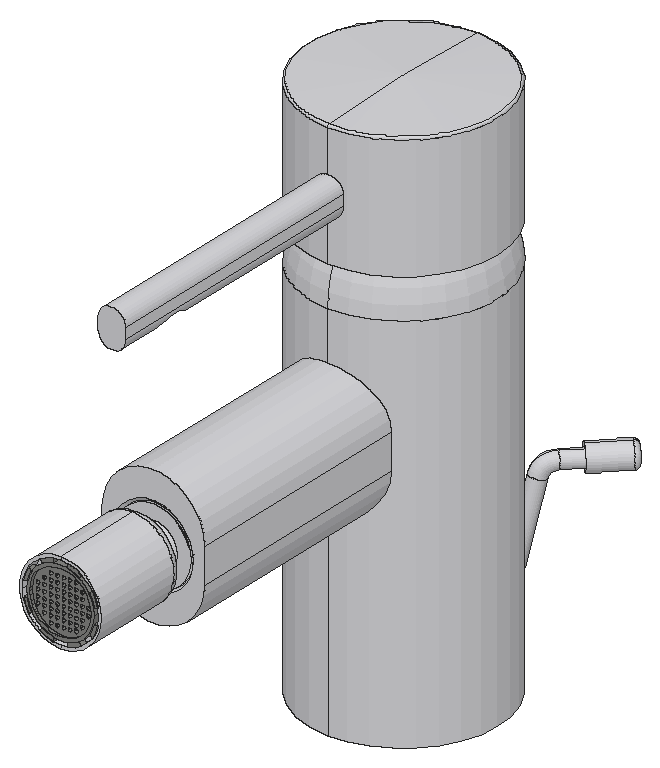
Revit family "Faucet-Bidet-KOHLER-Cuff-K-37045D", category Plumbing Fixtures, host Face, Revit 2021
Family settings
  Host = Face
  Round Connector Dimension = Use Diameter
  Part Type = Normal
  OmniClass Number = 23.31.11.00
  OmniClass Title = Faucets
  Cut with Voids When Loaded = No
  Shared = No
  Room Calculation Point = No
Parameters (values of type "CP-Polished Chrome")
  Width = 1 13/16"  # constant formula
  WaterSense Certified = 1 = 0  # no
  Waste Water Outlet = "Waste Water Outlet"  # constant formula
  Waste Connection = 1 = 0  # no
  Vent Connection = 1 = 0  # no
  URL = "https://me.kohler.com/"
  Type = 1
  Spout Reach = 4 29/256"  # constant formula
  Product Page URL = ""
  Product Name = "Cuff"  # constant formula
  Product Documentation Link = ""
  Pressure = 0.00 psi  # constant formula
  Model = if(Type = 1, "K-37045D-CP", "NA")  # "K-37045D-CP"
  Material = "Premium Metal Construction"  # constant formula
  Master Format 2014 Name = "Residential Faucets, Supplies, and Trim"  # constant formula
  Master Format 2014 = "22 41 39"  # constant formula
  Manufacturer Address = "Office 1704, 17th Floor, Thuraya Tower-1, Dubai Internet City P.O. Box 500431 | Dubai, United Arab Emirates"  # constant formula
  Manufacturer = "Kohler Co."  # constant formula
  Length = Spout Reach  # 4 29/256"
  Hot Water Inlet = "Hot Water Inlet"  # constant formula
  Height = 5 39/128"  # constant formula
  Handle Clearance = 3 63/128"  # constant formula
  HW Connection = 1 = 1  # yes
  Flow Rate = 1.5 GPM  # constant formula
  Finish = Kohler-Metal-CP-Polished_Chrome
  Environmental Product Declaration = ""
  Drain Included = 1 = 1  # yes
  Description = "Bided Single Control Mixer With Drain, CH"  # constant formula
  Default Elevation = 36"
  Declare Label = ""
  Date Modified = "12/29/2022"  # constant formula
  Date Created = "12/29/2022"  # constant formula
  Copyright = "Copyright Kohler Co."  # constant formula
  Contact Us = "https://me.kohler.com/contact-us/"
  Cold Water Inlet = "Cold Water Inlet"  # constant formula
  CW Connection = 1 = 1  # yes
  Assembly Code = "D2010"
  ADA Compliant = 1 = 0  # no
Reference planes (in)
  plane 1 "Center (Front/Back)": y = 0
  plane 2: z = 0
  plane 3 "Center (Left/Right)": x = 0
  plane 4: y = 0.90551
  plane 5: x = 0.90551
  plane 6: y = -4.11328
  plane 7: x = -0.90699
  plane 8: y = -3.49219
  plane 9: x = 0.14163
  plane 10: x = -0.14163
  plane 11: y = -2.99186
  plane 12: x = 0.49184
  plane 13: y = 1.31544
  plane 14: y = 0.97656
  plane 15: through (1.32642, 1.31702, 48) normal (0.7071, -0.7071, 0)
  plane 16: through (1.1, 0.94594, 48) normal (-0.7071, 0.7071, 0)
  plane 17: through (0.93582, 1.0906, 48) normal (-0.7071, 0.7071, 0)
  plane 18: through (1.30796, 1.20007, 48) normal (0.7071, 0.7071, 0)
  plane 19: y = -0.90551
  plane 20: z = 5.30469
  plane 21: z = 4.4377
  plane 22: z = 4.81909
  plane 23: z = 2.15058
  plane 24: z = 2.93604
  plane 25: z = 3.20279
  plane 26: z = 1.88383
  plane 27: z = 2.54331
  plane 28: z = 4.62839
  plane 29: x = -0.39456
  plane 30: x = 0.3937
  plane 31: z = 1.80157
  plane 32: z = 2.02159
  plane 33: z = 4.35835
  plane 34: x = -0.38245
  plane 35: x = 0.38245
Dimensions and locks (in)
  "Length": plane 6 to plane 1 "Center (Front/Back)"
  "Height": level to plane 20
  "Width": plane 7 to plane 5
  "Handle Clearance": plane 1 "Center (Front/Back)" to plane 8
  aligned and locked: plane 2 to host face
  aligned and locked: level to host face
Automatic sketch dimensions
  host sketch curve to host sketch curve = 96"  (x2)
Nested families (in)
  nested 1: "37045D" at (0, 0, 0), type "37045D"
Connectors (in)
  piping at (-0.38242, 0, 0), diameter 0.375, driven by "Flow Rate", driven by "HW Connection", driven by "Hot Water Inlet"
    settings: on nested 1, index 1, connector inside diameter 24", connector length 0", flow factor 0, pipe flow 1.5 GPM, pressure drop 0.00 psi, fitting loss kfactor 0, connector angle 0.00°, fixture units 0, engagement length 0", angle of deflection 0.00°, flow configuration 1, flow direction 1, fitting loss method 0, system type 19, joint type 0, gender type 0, connector reference index -1, connector utility 1, adjustable connector no, is connector primary yes, connector description "Hot Water Inlet"
  piping at (0.38243, 0, 0), diameter 0.375, driven by "Flow Rate", driven by "CW Connection", driven by "Cold Water Inlet"
    settings: on nested 1, index 2, connector inside diameter 24", connector length 0", flow factor 0, pipe flow 1.5 GPM, pressure drop 0.00 psi, fitting loss kfactor 0, connector angle 0.00°, fixture units 0, engagement length 0", angle of deflection 0.00°, flow configuration 1, flow direction 1, fitting loss method 0, system type 20, joint type 0, gender type 0, connector reference index -1, connector utility 1, adjustable connector no, is connector primary no, connector description "Cold Water Inlet"
Definition of nested family "37045D"
  Parameters
    Material = none
    Default Elevation = 0"
  Reference planes (in)
    plane 1 "Center (Front/Back)": y = 0
    plane 2: z = 0
    plane 3 "Center (Left/Right)": x = 0
    plane 4: y = 0.97656
    plane 5: y = -4.11399
    plane 6: x = -0.90551
    plane 7: x = -0.90551
    plane 8: x = 0.90551
    plane 9: z = 5.30315
    plane 10: y = -3.49213
    plane 11: y = 1.31544
    plane 12: z = 2.02159
    plane 13: z = 1.80157
    plane 14: y = -0.90551
    plane 15: y = 0.90551
    plane 16: z = 2.54331
    plane 17 "A": through (0.6398, 0.63039, 48) normal (-0.7071, 0.7071, 0)
  Forms (in)
    Revolve 1, solid, material <- "Material", detail levels medium+fine
      sketch origin (0, 0, 0) x (0, 1, 0) y (0, 0, 1)
        loop
          line (0.90551, 0) -> (0.90551, 3.66261)
          arc (0.90551, 3.66261) -> (0.80405, 4.07343) -> (0.52299, 4.38979) r 0.88244
          line (0.52299, 4.38979) -> (0, 4.38979) -> (0, 0) -> (0.90551, 0)
        axis (0, 4.38979) -> (0, 0)
      angle from 0 to 360
    Extrusion 2, void
      sketch origin (0, 0, 0) x (0, 1, 0) y (0, 0, 1)
        loop
          arc (0.06466, 4.33553) -> (0.17839, 4.25412) -> (0.30324, 4.19108) r 0.91076
          arc (0.30324, 4.19108) -> (0.42458, 4.15447) -> (0.55072, 4.14211) r 0.64986
          line (0.55072, 4.14211) -> (1.24927, 4.14211) -> (1.24927, 4.42661) -> (-0.14944, 4.42661)
          arc (-0.14944, 4.42661) -> (-0.0356, 4.39703) -> (0.06466, 4.33553) r 0.39894
      from -1.47543 to 1.70813
    Revolve 3, solid, material <- "Material", detail levels medium+fine
      sketch origin (0, 0, 0) x (0, 1, 0) y (0, 0, 1)
        loop
          line (0, 5.26679) -> (0, 4.04345) -> (0.90551, 4.04345) -> (0.90551, 5.21437)
          arc (0.90551, 5.21437) -> (0.89987, 5.22833) -> (0.8861, 5.23445) r 0.0201
          arc (0.8861, 5.23445) -> (0.44304, 5.25016) -> (0, 5.26679) r 212.99554
        axis (0, 5.26679) -> (0, 4.04345)
      angle from 0 to 360
    Extrusion 4, solid, material <- "Material", detail levels medium+fine
      sketch origin (0, 0, 0) x (1, 0, 0) y (0, 0, 1)
        loop
          arc (-0.13105, 4.57742) -> (0.0035, 4.44286) -> (0.13806, 4.57742) r 0.13455
          line (0.13806, 4.57742) -> (0.13806, 4.6765)
          arc (0.13806, 4.6765) -> (0.0035, 4.81105) -> (-0.13105, 4.6765) r 0.13455
          line (-0.13105, 4.6765) -> (-0.13105, 4.57742)
      from 0.74243 to 3.48944
    Extrusion 5, solid, material <- "Material", detail levels medium+fine
      sketch origin (0, 0, 0) x (1, 0, 0) y (0, 0, 1)
        loop
          arc (-0.48943, 2.37279) -> (0.00108, 1.88228) -> (0.49159, 2.37279) r 0.49051
          line (0.49159, 2.37279) -> (0.49159, 2.70781)
          arc (0.49159, 2.70781) -> (0.00108, 3.19832) -> (-0.48943, 2.70781) r 0.49051
          line (-0.48943, 2.70781) -> (-0.48943, 2.37279)
      from 0.32066 to 2.9923
    Revolve 6, void
      sketch origin (0, 0, 0) x (0, 1, 0) y (0, 0, 1)
        loop
          line (-3.02527, 2.12225) -> (-2.96683, 2.18068) -> (-2.96683, 2.21177) -> (-3.02527, 2.15333) -> (-3.02527, 2.12225)
        axis (-2.96683, 2.54357) -> (-3.02527, 2.54357)
      angle from 0 to 360
    Revolve 7, solid, material <- "Material", detail levels medium+fine
      sketch origin (0, 0.0123, 0) x (0, 1, 0) y (0, 0, 1)
        loop
          line (-2.96068, 2.54357) -> (-2.96068, 2.80391) -> (-2.9923, 2.80391)
          arc (-2.9923, 2.80391) -> (-3.01765, 2.75144) -> (-3.07191, 2.73017) r 0.07984
          line (-3.07191, 2.73017) -> (-3.16944, 2.73017) -> (-3.16944, 2.85812)
          arc (-3.16944, 2.85812) -> (-3.1925, 2.9138) -> (-3.24818, 2.93686) r 0.07874
          line (-3.24818, 2.93686) -> (-4.11282, 2.93686) -> (-4.11282, 2.54357) -> (-2.96068, 2.54357)
        axis (-2.96068, 2.54357) -> (-4.11282, 2.54357)
      angle from 0 to 360
    Extrusion 8, void
      sketch origin (0, 0, 0) x (1, 0, 0) y (0, 0, 1)
        loop
          circle (0, 2.54357) r 0.36567
      from 3.98145 to 4.25616
    Extrusion 9, solid, detail levels medium+fine
      sketch origin (0, 0, 0) x (1, 0, 0) y (0, 0, 1)
        loop
          line (-0.27501, 2.71947) -> (-0.30333, 2.74779)
          arc (-0.30333, 2.74779) -> (-0.33776, 2.68369) -> (-0.35882, 2.61404) r 0.36567
          line (-0.35882, 2.61404) -> (-0.31772, 2.61404)
          arc (-0.31772, 2.61404) -> (-0.30141, 2.6688) -> (-0.27501, 2.71947) r 0.30015
      from 4.04664 to 4.10052
    Extrusion 10, solid, detail levels medium+fine
      sketch origin (-1.79858, 0, 0.74499) x (0.707107, 0, -0.707107) y (0.707107, 0, 0.707107)
        loop
          line (-0.27501, 2.71947) -> (-0.30333, 2.74779)
          arc (-0.30333, 2.74779) -> (-0.33776, 2.68369) -> (-0.35882, 2.61404) r 0.36567
          line (-0.35882, 2.61404) -> (-0.31772, 2.61404)
          arc (-0.31772, 2.61404) -> (-0.30141, 2.6688) -> (-0.27501, 2.71947) r 0.30015
      from 4.04664 to 4.10052
    Extrusion 11, solid, detail levels medium+fine
      sketch origin (-2.54357, 0, 2.54357) x (0, 0, -1) y (1, 0, 0)
        loop
          line (-0.27501, 2.71947) -> (-0.30333, 2.74779)
          arc (-0.30333, 2.74779) -> (-0.33776, 2.68369) -> (-0.35882, 2.61404) r 0.36567
          line (-0.35882, 2.61404) -> (-0.31772, 2.61404)
          arc (-0.31772, 2.61404) -> (-0.30141, 2.6688) -> (-0.27501, 2.71947) r 0.30015
      from 4.04664 to 4.10052
    Extrusion 12, solid, detail levels medium+fine
      sketch origin (-1.79858, 0, 4.34214) x (-0.707107, 0, -0.707107) y (0.707107, 0, -0.707107)
        loop
          line (-0.27501, 2.71947) -> (-0.30333, 2.74779)
          arc (-0.30333, 2.74779) -> (-0.33776, 2.68369) -> (-0.35882, 2.61404) r 0.36567
          line (-0.35882, 2.61404) -> (-0.31772, 2.61404)
          arc (-0.31772, 2.61404) -> (-0.30141, 2.6688) -> (-0.27501, 2.71947) r 0.30015
      from 4.04664 to 4.10052
    Extrusion 13, solid, detail levels medium+fine
      sketch origin (0, 0, 5.08714) x (-1, 0, 0) y (0, 0, -1)
        loop
          line (-0.27501, 2.71947) -> (-0.30333, 2.74779)
          arc (-0.30333, 2.74779) -> (-0.33776, 2.68369) -> (-0.35882, 2.61404) r 0.36567
          line (-0.35882, 2.61404) -> (-0.31772, 2.61404)
          arc (-0.31772, 2.61404) -> (-0.30141, 2.6688) -> (-0.27501, 2.71947) r 0.30015
      from 4.04664 to 4.10052
    Extrusion 14, solid, detail levels medium+fine
      sketch origin (1.79858, 0, 4.34214) x (-0.707107, 0, 0.707107) y (-0.707107, 0, -0.707107)
        loop
          line (-0.27501, 2.71947) -> (-0.30333, 2.74779)
          arc (-0.30333, 2.74779) -> (-0.33776, 2.68369) -> (-0.35882, 2.61404) r 0.36567
          line (-0.35882, 2.61404) -> (-0.31772, 2.61404)
          arc (-0.31772, 2.61404) -> (-0.30141, 2.6688) -> (-0.27501, 2.71947) r 0.30015
      from 4.04664 to 4.10052
    Extrusion 15, solid, detail levels medium+fine
      sketch origin (2.54357, 0, 2.54357) x (0, 0, 1) y (-1, 0, 0)
        loop
          line (-0.27501, 2.71947) -> (-0.30333, 2.74779)
          arc (-0.30333, 2.74779) -> (-0.33776, 2.68369) -> (-0.35882, 2.61404) r 0.36567
          line (-0.35882, 2.61404) -> (-0.31772, 2.61404)
          arc (-0.31772, 2.61404) -> (-0.30141, 2.6688) -> (-0.27501, 2.71947) r 0.30015
      from 4.04664 to 4.10052
    Extrusion 16, solid, detail levels medium+fine
      sketch origin (1.79858, 0, 0.74499) x (0.707107, 0, 0.707107) y (-0.707107, 0, 0.707107)
        loop
          line (-0.27501, 2.71947) -> (-0.30333, 2.74779)
          arc (-0.30333, 2.74779) -> (-0.33776, 2.68369) -> (-0.35882, 2.61404) r 0.36567
          line (-0.35882, 2.61404) -> (-0.31772, 2.61404)
          arc (-0.31772, 2.61404) -> (-0.30141, 2.6688) -> (-0.27501, 2.71947) r 0.30015
      from 4.04664 to 4.10052
    Extrusion 17, solid, detail levels medium+fine
      sketch origin (0, 0, 0) x (1, 0, 0) y (0, 0, 1)
        loop
          circle (0, 2.54357) r 0.32525
        loop
          circle (-0.10702, 2.74893) r 0.01969
        loop
          circle (-0.04538, 2.74893) r 0.01969
        loop
          circle (0.01525, 2.74893) r 0.01969
        loop
          circle (0.07409, 2.74893) r 0.01969
        loop
          circle (0.1339, 2.74893) r 0.01969
        loop
          circle (-0.10702, 2.68831) r 0.01969
        loop
          circle (-0.04538, 2.68831) r 0.01969
        loop
          circle (0.01525, 2.68831) r 0.01969
        loop
          circle (0.07409, 2.68831) r 0.01969
        loop
          circle (0.1339, 2.68831) r 0.01969
        loop
          circle (-0.10702, 2.6259) r 0.01969
        loop
          circle (-0.04538, 2.6259) r 0.01969
        loop
          circle (0.01525, 2.6259) r 0.01969
        loop
          circle (0.07409, 2.6259) r 0.01969
        loop
          circle (0.1339, 2.6259) r 0.01969
        loop
          circle (-0.10702, 2.56528) r 0.01969
        loop
          circle (-0.04538, 2.56528) r 0.01969
        loop
          circle (0.01525, 2.56528) r 0.01969
        loop
          circle (0.07409, 2.56528) r 0.01969
        loop
          circle (0.1339, 2.56528) r 0.01969
        loop
          circle (-0.10702, 2.50287) r 0.01969
        loop
          circle (-0.04538, 2.50287) r 0.01969
        loop
          circle (0.01525, 2.50287) r 0.01969
        loop
          circle (0.07409, 2.50287) r 0.01969
        loop
          circle (0.1339, 2.50287) r 0.01969
        loop
          circle (-0.10702, 2.44403) r 0.01969
        loop
          circle (-0.04538, 2.44403) r 0.01969
        loop
          circle (0.01525, 2.44403) r 0.01969
        loop
          circle (0.07409, 2.44403) r 0.01969
        loop
          circle (0.1339, 2.44403) r 0.01969
        loop
          circle (-0.10702, 2.38519) r 0.01969
        loop
          circle (-0.04538, 2.38519) r 0.01969
        loop
          circle (0.01525, 2.38519) r 0.01969
        loop
          circle (0.07409, 2.38519) r 0.01969
        loop
          circle (0.1339, 2.38519) r 0.01969
        loop
          circle (-0.10702, 2.321) r 0.01969
        loop
          circle (-0.04538, 2.321) r 0.01969
        loop
          circle (0.01525, 2.321) r 0.01969
        loop
          circle (0.07409, 2.321) r 0.01969
        loop
          circle (0.1339, 2.3333) r 0.01969
        loop
          circle (0.19362, 2.68831) r 0.01969
        loop
          circle (0.19362, 2.6259) r 0.01969
        loop
          circle (0.19362, 2.56528) r 0.01969
        loop
          circle (0.19362, 2.50287) r 0.01969
        loop
          circle (0.19362, 2.44403) r 0.01969
        loop
          circle (0.19362, 2.38519) r 0.01969
        loop
          circle (0.25117, 2.56528) r 0.01969
        loop
          circle (0.24809, 2.50287) r 0.01969
        loop
          circle (-0.16989, 2.68831) r 0.01969
        loop
          circle (-0.16989, 2.6259) r 0.01969
        loop
          circle (-0.16989, 2.56528) r 0.01969
        loop
          circle (-0.16989, 2.50287) r 0.01969
        loop
          circle (-0.16989, 2.44403) r 0.01969
        loop
          circle (-0.16989, 2.38519) r 0.01969
        loop
          circle (-0.23346, 2.6259) r 0.01969
        loop
          circle (-0.23346, 2.56528) r 0.01969
        loop
          circle (-0.23346, 2.50287) r 0.01969
        loop
          circle (-0.23346, 2.44403) r 0.01969
      from 3.87269 to 4.10052
    Extrusion 18, void
      sketch origin (0, 0, 0) x (1, 0, 0) y (0, 0, 1)
        loop
          circle (0, 2.54357) r 0.29528
      from 4.076 to 4.3762
    Revolve 19, solid, material <- "Material", detail levels medium+fine
      sketch origin (0, 0, 0) x (0, 1, 0) y (0, 0, 1)
        loop
          line (0.77951, 4.35375) -> (0.77951, 4.25112) -> (0.81179, 4.23249) -> (0.90551, 4.23249) -> (0.90551, 4.20039)
          arc (0.90551, 4.20039) -> (0.9575, 4.26935) -> (0.97577, 4.35375) r 0.20113
          line (0.97577, 4.35375) -> (0.77951, 4.35375)
        axis (0.77951, 4.35375) -> (0.97577, 4.35375)
      angle from 0 to 360
    Sweep 20, solid, material <- "Material", detail levels medium+fine
      path origin (0.0047, -0.0047, 0) x (-0.707107, -0.707107, 0) y (0, 0, 1)
        loop
          line (-1.3621, 1.90382) -> (-1.16575, 1.90382)
          arc (-1.16575, 1.90382) -> (-1.06541, 1.86878) -> (-1.00869, 1.7789) r 0.16118
          line (-1.00869, 1.7789) -> (-0.78729, 0.81987)
      profile origin (0.89843, 0.88903, 1.90382) x (0, 0, 1) y (-0.707107, 0.707107, 0)
        loop
          circle (0, 0) r 0.07874
    Revolve 21, solid, material <- "Material", detail levels medium+fine
      sketch origin (0.0045, -0.00491, -0.00922) x (-0.707107, -0.707107, 0) y (0, 0, 1)
        loop
          line (-1.3621, 1.92228) -> (-1.77515, 1.92228) -> (-1.77515, 1.84703)
          arc (-1.77515, 1.84703) -> (-1.76166, 1.81445) -> (-1.72909, 1.80096) r 0.04607
          line (-1.72909, 1.80096) -> (-1.3621, 1.80096) -> (-1.3621, 1.92228)
        axis (-1.77515, 1.92228) -> (-1.3621, 1.92228)
      angle from 0 to 360
    Extrusion 22, solid, material <- "Material", detail levels medium+fine
      sketch origin (0, 0, 0) x (1, 0, 0) y (0, 1, 0)
        loop
          circle (-0.38242, 0) r 0.11811
        loop
          circle (0.38243, 0) r 0.11811
      from 0 to 0.106
    Extrusion 23, void
      sketch origin (0, 0, 0) x (0, 1, 0) y (0, 0, 1)
        loop
          line (-3.32972, 4.39461) -> (-2.62594, 4.39461)
          arc (-2.62594, 4.39461) -> (-2.71241, 4.46948) -> (-2.80939, 4.53011) r 0.73977
          arc (-2.80939, 4.53011) -> (-2.84634, 4.54327) -> (-2.88548, 4.54575) r 0.14114
          arc (-2.88548, 4.54575) -> (-3.02581, 4.52221) -> (-3.15965, 4.47392) r 0.79107
          line (-3.15965, 4.47392) -> (-3.32972, 4.39461)
      from -0.7546 to 0.73956
    Extrusion 24, solid, material <- "Material", detail levels coarse
      sketch origin (0, 0, 0) x (1, 0, 0) y (0, 1, 0)
        loop
          circle (0, 0) r 0.90357
      from 0 to 5.26301
    Sweep 25, solid, material <- "Material", detail levels coarse
      path origin (0.0047, -0.0047, 0) x (-0.707107, -0.707107, 0) y (0, 0, 1)
        loop
          line (-1.3621, 1.90382) -> (-1.16575, 1.90382)
          arc (-1.16575, 1.90382) -> (-1.06541, 1.86878) -> (-1.00869, 1.7789) r 0.16118
          line (-1.00869, 1.7789) -> (-0.78729, 0.81987)
      profile origin (0.89843, 0.88903, 1.90382) x (0, 0, 1) y (-0.707107, 0.707107, 0)
        loop
          circle (0, 0) r 0.07874
    Revolve 26, solid, material <- "Material", detail levels coarse
      sketch origin (0.0045, -0.00491, -0.00922) x (-0.707107, -0.707107, 0) y (0, 0, 1)
        loop
          line (-1.3621, 1.92228) -> (-1.77515, 1.92228) -> (-1.77515, 1.84703)
          arc (-1.77515, 1.84703) -> (-1.76166, 1.81445) -> (-1.72909, 1.80096) r 0.04607
          line (-1.72909, 1.80096) -> (-1.3621, 1.80096) -> (-1.3621, 1.92228)
        axis (-1.77515, 1.92228) -> (-1.3621, 1.92228)
      angle from 0 to 360
    Extrusion 27, solid, material <- "Material", detail levels coarse
      sketch origin (0, 0, 0) x (1, 0, 0) y (0, 0, 1)
        loop
          line (-0.49099, 3.20373) -> (-0.49099, 1.87499) -> (0.49326, 1.87499) -> (0.49326, 3.20373) -> (-0.49099, 3.20373)
      from 0 to 2.9923
    Extrusion 28, solid, material <- "Material", detail levels coarse
      sketch origin (0, 0, 0) x (1, 0, 0) y (0, 0, 1)
        loop
          circle (0, 2.54357) r 0.3933
      from 2.9923 to 4.10052
    Extrusion 29, solid, material <- "Material", detail levels coarse
      sketch origin (0, 0, 0) x (1, 0, 0) y (0, 0, 1)
        loop
          circle (0.00033, 4.62497) r 0.18222
      from 0 to 3.48944
  Cuts and joins
    Extrusion 18 cuts Extrusion 17
    Extrusion 2 cuts Revolve 1
    Extrusion 23 cuts Extrusion 4
    Revolve 6 cuts Extrusion 5
    Extrusion 8, Extrusion 18 cuts Revolve 7
    joined: Revolve 1, Revolve 3, Extrusion 4, Extrusion 5, Revolve 7, Sweep 20, Revolve 21
    joined: Extrusion 24, Extrusion 27, Extrusion 28, Extrusion 29
  Lines and regions (in)
    Masking region 1
      outline origin (0, 0, 0) x (1, 0, 0) y (0, 1, 0)
        loop
          line (-0.3937, -4.11399) -> (0.3937, -4.11399) -> (0.3937, -3.24246)
          arc (0.3937, -3.24246) -> (0.37219, -3.19052) -> (0.32025, -3.16901) r 0.07345
          line (0.32025, -3.16901) -> (0.18725, -3.16901) -> (0.18725, -3.06526)
          arc (0.18725, -3.06526) -> (0.20857, -3.0138) -> (0.26003, -2.99248) r 0.07278
          line (0.26003, -2.99248) -> (0.49195, -2.99248) -> (0.49195, -1.02398)
          arc (0.49195, -1.02398) -> (0.529, -0.82015) -> (0.63542, -0.6424) r 0.57915
          arc (0.63542, -0.6424) -> (0.9028, -0.03736) -> (0.68633, 0.5877) r 0.90357
          line (0.68633, 0.5877) -> (1.02472, 0.92609) -> (1.05268, 0.89813) -> (1.30437, 1.14982)
          arc (1.30437, 1.14982) -> (1.31557, 1.17321) -> (1.30961, 1.19845) r 0.03899
          line (1.30961, 1.19845) -> (1.19862, 1.30944)
          arc (1.19862, 1.30944) -> (1.17338, 1.31539) -> (1.14999, 1.30419) r 0.03899
          line (1.14999, 1.30419) -> (0.89831, 1.0525) -> (0.92627, 1.02454) -> (0.58789, 0.68617)
          arc (0.58789, 0.68617) -> (0.352, 0.83219) -> (0.08292, 0.89976) r 0.90357
          line (0.08292, 0.89976) -> (0.11555, 0.90551) -> (0.1475, 0.90551)
          arc (0.1475, 0.90551) -> (0, 0.97698) -> (-0.1475, 0.90551) r 0.18795
          line (-0.1475, 0.90551) -> (-0.11555, 0.90551) -> (-0.08292, 0.89976)
          arc (-0.08292, 0.89976) -> (-0.85063, 0.30475) -> (-0.63542, -0.6424) r 0.90357
          arc (-0.63542, -0.6424) -> (-0.529, -0.82015) -> (-0.49195, -1.02398) r 0.57915
          line (-0.49195, -1.02398) -> (-0.49195, -2.99248) -> (-0.26003, -2.99248)
          arc (-0.26003, -2.99248) -> (-0.20857, -3.0138) -> (-0.18725, -3.06526) r 0.07278
          line (-0.18725, -3.06526) -> (-0.18725, -3.16901) -> (-0.32025, -3.16901)
          arc (-0.32025, -3.16901) -> (-0.37219, -3.19052) -> (-0.3937, -3.24246) r 0.07345
          line (-0.3937, -3.24246) -> (-0.3937, -4.11399)
    Masking region 2
      outline origin (0, 0, 0) x (1, 0, 0) y (0, 0, 1)
        loop
          line (-0.90551, 3.74016) -> (-0.90551, 0) -> (0.90551, 0) -> (0.90551, 1.83839)
          arc (0.90551, 1.83839) -> (0.93154, 1.81147) -> (0.96765, 1.80157) r 0.07085
          line (0.96765, 1.80157) -> (1.20623, 1.80157)
          arc (1.20623, 1.80157) -> (1.31624, 1.91158) -> (1.20623, 2.02159) r 0.11001
          line (1.20623, 2.02159) -> (0.96765, 2.02159)
          arc (0.96765, 2.02159) -> (0.93239, 2.01272) -> (0.90551, 1.98823) r 0.07455
          line (0.90551, 1.98823) -> (0.90551, 3.74016)
          arc (0.90551, 3.74016) -> (0.88349, 3.89784) -> (0.8191, 4.04345) r 0.57546
          line (0.8191, 4.04345) -> (0.90551, 4.04345) -> (0.90551, 5.23769)
          arc (0.90551, 5.23769) -> (0.89991, 5.25222) -> (0.886, 5.25923) r 0.02165
          arc (0.886, 5.25923) -> (0, 5.30315) -> (-0.886, 5.25923) r 8.95944
          arc (-0.886, 5.25923) -> (-0.89991, 5.25222) -> (-0.90551, 5.23769) r 0.02165
          line (-0.90551, 5.23769) -> (-0.90551, 4.04345) -> (-0.8191, 4.04345)
          arc (-0.8191, 4.04345) -> (-0.88349, 3.89784) -> (-0.90551, 3.74016) r 0.57546
    Masking region 3
      outline origin (0, 0, 0) x (0, 1, 0) y (0, 0, 1)
        loop
          line (0.90551, 0) -> (0.90551, 1.87669) -> (0.91689, 1.84399)
          arc (0.91689, 1.84399) -> (0.93996, 1.81326) -> (0.97656, 1.80157) r 0.06318
          line (0.97656, 1.80157) -> (1.20233, 1.80157)
          arc (1.20233, 1.80157) -> (1.29506, 1.84966) -> (1.30919, 1.95316) r 0.11346
          arc (1.30919, 1.95316) -> (1.30207, 1.96936) -> (1.29271, 1.98437) r 0.12374
          arc (1.29271, 1.98437) -> (1.26063, 2.01175) -> (1.21961, 2.02159) r 0.09039
          line (1.21961, 2.02159) -> (0.97656, 2.02159)
          arc (0.97656, 2.02159) -> (0.93996, 2.01014) -> (0.91643, 1.97987) r 0.0642
          line (0.91643, 1.97987) -> (0.90551, 1.95066) -> (0.90551, 3.65807)
          arc (0.90551, 3.65807) -> (0.88721, 3.8405) -> (0.83305, 4.01565) r 0.91854
          line (0.83305, 4.01565) -> (0.81316, 4.04406) -> (0.90551, 4.04406) -> (0.90551, 4.21085)
          arc (0.90551, 4.21085) -> (0.97679, 4.35835) -> (0.90551, 4.50585) r 0.18825
          line (0.90551, 4.50585) -> (0.90551, 5.24205)
          arc (0.90551, 5.24205) -> (0.89703, 5.26356) -> (0.87615, 5.27348) r 0.0315
          arc (0.87615, 5.27348) -> (0, 5.30315) -> (-0.87615, 5.27348) r 12.9491
          arc (-0.87615, 5.27348) -> (-0.89703, 5.26356) -> (-0.90551, 5.24205) r 0.0315
          line (-0.90551, 5.24205) -> (-0.90551, 4.90049)
          arc (-0.90551, 4.90049) -> (-0.94852, 4.84158) -> (-1.01791, 4.81909) r 0.1183
          line (-1.01791, 4.81909) -> (-3.47244, 4.81909)
          arc (-3.47244, 4.81909) -> (-3.48636, 4.81333) -> (-3.49213, 4.79941) r 0.01969
          line (-3.49213, 4.79941) -> (-3.49213, 4.45738)
          arc (-3.49213, 4.45738) -> (-3.48636, 4.44346) -> (-3.47244, 4.4377) r 0.01969
          line (-3.47244, 4.4377) -> (-3.23066, 4.4377) -> (-3.08669, 4.50483)
          arc (-3.08669, 4.50483) -> (-2.96214, 4.54058) -> (-2.83263, 4.53616) r 0.41488
          arc (-2.83263, 4.53616) -> (-2.74911, 4.5018) -> (-2.68549, 4.4377) r 0.22795
          line (-2.68549, 4.4377) -> (-1.01791, 4.4377)
          arc (-1.01791, 4.4377) -> (-0.94214, 4.40852) -> (-0.90551, 4.33606) r 0.11297
          line (-0.90551, 4.33606) -> (-0.90551, 4.04346) -> (-0.81914, 4.04346) -> (-0.83358, 4.01513)
          arc (-0.83358, 4.01513) -> (-0.8682, 3.92945) -> (-0.88741, 3.83906) r 0.53022
          arc (-0.88741, 3.83906) -> (-0.89745, 3.74912) -> (-0.90551, 3.65899) r 4.10766
          arc (-0.90551, 3.65899) -> (-0.91205, 3.56031) -> (-0.9162, 3.4615) r 4.10766
          arc (-0.9162, 3.4615) -> (-0.99998, 3.27525) -> (-1.19093, 3.20279) r 0.26684
          line (-1.19093, 3.20279) -> (-2.99186, 3.20279) -> (-2.99186, 2.7904)
          arc (-2.99186, 2.7904) -> (-3.01353, 2.74239) -> (-3.06386, 2.72689) r 0.06401
          line (-3.06386, 2.72689) -> (-3.17008, 2.72689) -> (-3.17008, 2.85884)
          arc (-3.17008, 2.85884) -> (-3.19269, 2.91343) -> (-3.24728, 2.93604) r 0.0772
          line (-3.24728, 2.93604) -> (-4.11399, 2.93604) -> (-4.11399, 2.15058) -> (-3.24728, 2.15058)
          arc (-3.24728, 2.15058) -> (-3.19269, 2.17319) -> (-3.17008, 2.22778) r 0.0772
          line (-3.17008, 2.22778) -> (-3.17008, 2.35973) -> (-3.06386, 2.35973)
          arc (-3.06386, 2.35973) -> (-3.01353, 2.34422) -> (-2.99186, 2.29622) r 0.06401
          line (-2.99186, 2.29622) -> (-2.99186, 1.88383) -> (-1.19093, 1.88383)
          arc (-1.19093, 1.88383) -> (-0.99998, 1.81137) -> (-0.9162, 1.62511) r 0.26684
          arc (-0.9162, 1.62511) -> (-0.91208, 1.52867) -> (-0.90551, 1.43237) r 3.79952
          line (-0.90551, 1.43237) -> (-0.90551, 0) -> (0.90551, 0)
    symbolic lines, detail levels medium+fine
      curve 1: line (-0.14163, -1.35354, 0) -> (-0.14163, -3.47612, 0)
      curve 2: arc (-0.13757, -3.48091, 0) -> (0.00006, -3.49213, 0) -> (0.13768, -3.48082, 0) r 0.84635
      curve 3: arc (-0.14163, -3.47612, 0) -> (-0.14048, -3.47926, 0) -> (-0.13757, -3.48091, 0) r 0.00485
      curve 4: line (0.14163, -1.35354, 0) -> (0.14163, -3.47616, 0)
      curve 5: arc (0.14163, -3.47616, 0) -> (0.14051, -3.47921, 0) -> (0.13768, -3.48082, 0) r 0.00472
      curve 6: line (0.14163, -3.47616, 0) -> (-0.14107, -3.47616, 0)
      curve 7: arc (-0.18549, -0.86405, 0) -> (-0.15288, -0.92658, 0) -> (-0.14163, -0.99621, 0) r 0.22105
      curve 8: arc (0.18549, -0.86405, 0) -> (0.15288, -0.92658, 0) -> (0.14163, -0.99621, 0) r 0.22105
      curve 9: circle (0, 0, 0) r 0.88373 normal (0, 0, 1)
      curve 10: line (1.14875, 1.30318, 0) -> (1.30324, 1.14869, 0)
      curve 11: line (-0.39456, -3.2466, 0) -> (-0.14163, -3.2466, 0)
      curve 12: arc (0.49177, -1.13095, 0) -> (0.33569, -1.27211, 0) -> (0.14163, -1.35354, 0) r 0.62571
      curve 13: arc (-0.14163, -1.35354, 0) -> (-0.33569, -1.27211, 0) -> (-0.49177, -1.13095, 0) r 0.62571
      curve 14: arc (-0.14163, -0.99621, 0) -> (0, -1.01596, 0) -> (0.14163, -0.99621, 0) r 0.51761
      curve 15: line (-0.18725, -3.16901, 0) -> (-0.14163, -3.16901, 0)
      curve 16: line (0.18725, -3.16901, 0) -> (0.14163, -3.16901, 0)
      curve 17: line (0.18725, -3.06526, 0) -> (0.14163, -3.06526, 0)
      curve 18: line (-0.18725, -3.06526, 0) -> (-0.14163, -3.06526, 0)
      curve 19: line (-0.26003, -2.99248, 0) -> (-0.14163, -2.99248, 0)
      curve 20: line (0.26003, -2.99248, 0) -> (0.14163, -2.99248, 0)
      curve 21: line (0.3937, -3.24246, 0) -> (0.14163, -3.24246, 0)
      curve 22: line (-0.14163, -1.35354, 0) -> (-0.14163, -0.99621, 0)
      curve 23: line (0.14163, -1.35354, 0) -> (0.14163, -0.99621, 0)
      curve 24: line (0.92627, 1.02454, 0) -> (1.02472, 0.92609, 0)
      curve 25: arc (0.58789, 0.68617, 0) -> (0.64053, 0.64053, 0) -> (0.68617, 0.58789, 0) r 0.49018
      curve 26: arc (-0.08292, 0.89976, 0) -> (0, 0.9063, 0) -> (0.08292, 0.89976, 0) r 0.52894
      curve 27: line (-0.11555, 0.90551, 0) -> (0.11555, 0.90551, 0)
      curve 28: line (-0.7333, 0, 2.93627) -> (-0.7333, 0, 2.16134)
      curve 29: line (0.7333, 0, 2.93627) -> (0.7333, 0, 2.16134)
      curve 30: arc (-0.7333, 0, 2.16134) -> (0, 0, 1.42804) -> (0.7333, 0, 2.16134) r 0.7333
      curve 31: arc (0.7333, 0, 2.93627) -> (0, 0, 3.66957) -> (-0.7333, 0, 2.93627) r 0.7333
      curve 32: line (-0.49566, 0, 2.70206) -> (-0.49566, 0, 2.37334)
      curve 33: line (0.48407, 0, 2.70206) -> (0.48407, 0, 2.37334)
      curve 34: arc (-0.49566, 0, 2.37334) -> (-0.0058, 0, 1.88347) -> (0.48407, 0, 2.37334) r 0.48986
      curve 35: arc (0.48407, 0, 2.70206) -> (-0.0058, 0, 3.19193) -> (-0.49566, 0, 2.70206) r 0.48986
      curve 36: line (-0.90551, 0, 5.23769) -> (0.90551, 0, 5.23769)
      curve 37: line (0.886, 0, 5.25923) -> (-0.886, 0, 5.25923)
      curve 38: line (-0.8191, 0, 4.04345) -> (0.8191, 0, 4.04345)
      curve 39: arc (0.13806, 0, 4.6765) -> (0.0035, 0, 4.81105) -> (-0.13105, 0, 4.6765) r 0.13455
      curve 40: arc (-0.13105, 0, 4.57742) -> (0.0035, 0, 4.44286) -> (0.13806, 0, 4.57742) r 0.13455
      curve 41: line (-0.13105, 0, 4.6765) -> (-0.13105, 0, 4.57742)
      curve 42: line (0.13806, 0, 4.57742) -> (0.13806, 0, 4.6765)
      curve 43: line (-0.0058, 0, 1.88347) -> (-0.0058, 0, 1.42806)
      curve 44: circle (0, 0, 2.54357) r 0.3933 normal (0, -1, 0)
      curve 45: circle (0, 0, 2.54357) r 0.36567 normal (0, -1, 0)
      curve 46: circle (0, 0, 2.54357) r 0.32525 normal (0, -1, 0)
      curve 47: circle (0, 0, 2.54357) r 0.29528 normal (0, -1, 0)
      curve 48: line (-0.27888, 0, 2.72334) -> (-0.30333, 0, 2.74779)
      curve 49: line (-0.35882, 0, 2.61404) -> (-0.32423, 0, 2.61404)
      curve 50: line (-0.32432, 0, 2.47349) -> (-0.3589, 0, 2.47349)
      curve 51: line (-0.30356, 0, 2.33968) -> (-0.2791, 0, 2.36414)
      curve 52: line (-0.17977, 0, 2.26469) -> (-0.20422, 0, 2.24024)
      curve 53: line (-0.07047, 0, 2.18475) -> (-0.07047, 0, 2.21934)
      curve 54: line (0.20389, 0, 2.24001) -> (0.17943, 0, 2.26447)
      curve 55: line (0.27888, 0, 2.3638) -> (0.30333, 0, 2.33935)
      curve 56: line (0.07008, 0, 2.21925) -> (0.07008, 0, 2.18467)
      curve 57: line (0.35882, 0, 2.4731) -> (0.32423, 0, 2.4731)
      curve 58: line (0.32432, 0, 2.61365) -> (0.3589, 0, 2.61365)
      curve 59: line (0.30356, 0, 2.74746) -> (0.2791, 0, 2.723)
      curve 60: line (0.17977, 0, 2.82245) -> (0.20422, 0, 2.8469)
      curve 61: line (0.07047, 0, 2.90239) -> (0.07047, 0, 2.8678)
      curve 62: line (-0.07008, 0, 2.86788) -> (-0.07008, 0, 2.90247)
      curve 63: line (-0.20389, 0, 2.84712) -> (-0.17943, 0, 2.82267)
      curve 64: circle (0, 0, 2.54357) r 0.3318 normal (0, 1, 0)
      curve 65: circle (-0.16989, 0, 2.68831) r 0.01969 normal (0, 1, 0)
      curve 66: circle (-0.16989, 0, 2.6259) r 0.01969 normal (0, 1, 0)
      curve 67: circle (-0.16989, 0, 2.56528) r 0.01969 normal (0, 1, 0)
      curve 68: circle (-0.16989, 0, 2.50287) r 0.01969 normal (0, 1, 0)
      curve 69: circle (-0.16989, 0, 2.44403) r 0.01969 normal (0, 1, 0)
      curve 70: circle (-0.16989, 0, 2.38519) r 0.01969 normal (0, 1, 0)
      curve 71: circle (-0.10702, 0, 2.68831) r 0.01969 normal (0, 1, 0)
      curve 72: circle (-0.10702, 0, 2.6259) r 0.01969 normal (0, 1, 0)
      curve 73: circle (-0.10702, 0, 2.56528) r 0.01969 normal (0, 1, 0)
      curve 74: circle (-0.10702, 0, 2.50287) r 0.01969 normal (0, 1, 0)
      curve 75: circle (-0.10702, 0, 2.44403) r 0.01969 normal (0, 1, 0)
      curve 76: circle (-0.10702, 0, 2.38519) r 0.01969 normal (0, 1, 0)
      curve 77: circle (-0.04538, 0, 2.68831) r 0.01969 normal (0, 1, 0)
      curve 78: circle (-0.04538, 0, 2.6259) r 0.01969 normal (0, 1, 0)
      curve 79: circle (-0.04538, 0, 2.56528) r 0.01969 normal (0, 1, 0)
      curve 80: circle (-0.04538, 0, 2.50287) r 0.01969 normal (0, 1, 0)
      curve 81: circle (-0.04538, 0, 2.44403) r 0.01969 normal (0, 1, 0)
      curve 82: circle (-0.04538, 0, 2.38519) r 0.01969 normal (0, 1, 0)
      curve 83: circle (0.01525, 0, 2.68831) r 0.01969 normal (0, 1, 0)
      curve 84: circle (0.01525, 0, 2.6259) r 0.01969 normal (0, 1, 0)
      curve 85: circle (0.01525, 0, 2.56528) r 0.01969 normal (0, 1, 0)
      curve 86: circle (0.01525, 0, 2.50287) r 0.01969 normal (0, 1, 0)
      curve 87: circle (0.01525, 0, 2.44403) r 0.01969 normal (0, 1, 0)
      curve 88: circle (0.01525, 0, 2.38519) r 0.01969 normal (0, 1, 0)
      curve 89: circle (0.07409, 0, 2.68831) r 0.01969 normal (0, 1, 0)
      curve 90: circle (0.07409, 0, 2.6259) r 0.01969 normal (0, 1, 0)
      curve 91: circle (0.07409, 0, 2.56528) r 0.01969 normal (0, 1, 0)
      curve 92: circle (0.07409, 0, 2.50287) r 0.01969 normal (0, 1, 0)
      curve 93: circle (0.07409, 0, 2.44403) r 0.01969 normal (0, 1, 0)
      curve 94: circle (0.07409, 0, 2.38519) r 0.01969 normal (0, 1, 0)
      curve 95: circle (0.1339, 0, 2.68831) r 0.01969 normal (0, 1, 0)
      curve 96: circle (0.1339, 0, 2.6259) r 0.01969 normal (0, 1, 0)
      curve 97: circle (0.1339, 0, 2.56528) r 0.01969 normal (0, 1, 0)
      curve 98: circle (0.1339, 0, 2.50287) r 0.01969 normal (0, 1, 0)
      curve 99: circle (0.1339, 0, 2.44403) r 0.01969 normal (0, 1, 0)
      curve 100: circle (0.1339, 0, 2.38519) r 0.01969 normal (0, 1, 0)
      curve 101: circle (0.19362, 0, 2.68831) r 0.01969 normal (0, 1, 0)
      curve 102: circle (0.19362, 0, 2.6259) r 0.01969 normal (0, 1, 0)
      curve 103: circle (0.19362, 0, 2.56528) r 0.01969 normal (0, 1, 0)
      curve 104: circle (0.19362, 0, 2.50287) r 0.01969 normal (0, 1, 0)
      curve 105: circle (0.19362, 0, 2.44403) r 0.01969 normal (0, 1, 0)
      curve 106: circle (0.19362, 0, 2.38519) r 0.01969 normal (0, 1, 0)
      curve 107: circle (0.2453, 0, 2.6259) r 0.01969 normal (0, 1, 0)
      curve 108: circle (0.2453, 0, 2.56528) r 0.01969 normal (0, 1, 0)
      curve 109: circle (0.2453, 0, 2.50287) r 0.01969 normal (0, 1, 0)
      curve 110: circle (0.2453, 0, 2.44403) r 0.01969 normal (0, 1, 0)
      curve 111: circle (-0.23299, 0, 2.6259) r 0.01969 normal (0, -1, 0)
      curve 112: circle (-0.23299, 0, 2.56528) r 0.01969 normal (0, -1, 0)
      curve 113: circle (-0.23299, 0, 2.50287) r 0.01969 normal (0, -1, 0)
      curve 114: circle (-0.23299, 0, 2.44403) r 0.01969 normal (0, -1, 0)
      curve 115: circle (-0.16989, 0, 2.74893) r 0.01969 normal (0, 1, 0)
      curve 116: circle (-0.10702, 0, 2.74893) r 0.01969 normal (0, 1, 0)
      curve 117: circle (-0.04538, 0, 2.74893) r 0.01969 normal (0, 1, 0)
      curve 118: circle (0.01525, 0, 2.74893) r 0.01969 normal (0, 1, 0)
      curve 119: circle (0.07409, 0, 2.74893) r 0.01969 normal (0, 1, 0)
      curve 120: circle (0.1339, 0, 2.74893) r 0.01969 normal (0, 1, 0)
      curve 121: circle (0.19362, 0, 2.74893) r 0.01969 normal (0, 1, 0)
      curve 122: circle (-0.08857, 0, 2.79961) r 0.01969 normal (0, 1, 0)
      curve 123: circle (-0.04538, 0, 2.79961) r 0.01969 normal (0, 1, 0)
      curve 124: circle (0.01525, 0, 2.79961) r 0.01969 normal (0, 1, 0)
      curve 125: circle (0.07409, 0, 2.79961) r 0.01969 normal (0, 1, 0)
      curve 126: circle (-0.16989, 0, 2.34261) r 0.01969 normal (0, 1, 0)
      curve 127: circle (-0.10702, 0, 2.34261) r 0.01969 normal (0, 1, 0)
      curve 128: circle (-0.04538, 0, 2.34261) r 0.01969 normal (0, 1, 0)
      curve 129: circle (0.01525, 0, 2.34261) r 0.01969 normal (0, 1, 0)
      curve 130: circle (0.07409, 0, 2.34261) r 0.01969 normal (0, 1, 0)
      curve 131: circle (0.1339, 0, 2.34261) r 0.01969 normal (0, 1, 0)
      curve 132: circle (-0.08857, 0, 2.287) r 0.01969 normal (0, -1, 0)
      curve 133: circle (-0.04538, 0, 2.287) r 0.01969 normal (0, -1, 0)
      curve 134: circle (0.01525, 0, 2.287) r 0.01969 normal (0, -1, 0)
      curve 135: circle (0.07409, 0, 2.287) r 0.01969 normal (0, -1, 0)
      curve 136: line (-0.23131, 0, 4.56915) -> (-0.23131, 0, 4.69318)
      curve 137: line (0.23546, 0, 4.69318) -> (0.23546, 0, 4.56915)
      curve 138: arc (0.23546, 0, 4.56915) -> (0.00207, 0, 4.33576) -> (-0.23131, 0, 4.56915) r 0.23339
      curve 139: arc (-0.23131, 0, 4.69318) -> (0.00207, 0, 4.92657) -> (0.23546, 0, 4.69318) r 0.23339
      curve 140: line (-0.90551, 0, 3.66957) -> (0.90551, 0, 3.66957)
      curve 141: line (0.90551, 0, 1.98823) -> (0.90551, 0, 1.82199)
      curve 142: line (0.00207, 0, 4.92657) -> (0.00207, 0, 4.81104)
      curve 143: line (0.0035, 0, 4.44286) -> (0.0035, 0, 4.33577)
      curve 144: line (-0.13105, 0, 4.62696) -> (0.13806, 0, 4.62696)
      curve 145: arc (0.97537, 0, 2.02159) -> (1.05464, 0, 1.91158) -> (0.97537, 0, 1.80157) r 0.11597
      curve 146: arc (1.20623, 0, 2.02159) -> (1.29538, 0, 1.91158) -> (1.20623, 0, 1.80157) r 0.11245
      curve 147: line (0.96822, 0, 1.97977) -> (0.90551, 0, 1.97977)
      curve 148: line (0.96822, 0, 1.84217) -> (0.90551, 0, 1.84217)
      curve 149: arc (0.96822, 0, 1.84217) -> (1.03702, 0, 1.91097) -> (0.96822, 0, 1.97977) r 0.0688
      curve 150: line (0, 0.90551, 5.24205) -> (0, -0.90551, 5.24205)
      curve 151: line (0, -0.87615, 5.27348) -> (0, 0.87615, 5.27348)
      curve 152: line (0, 0.90551, 4.50585) -> (0, 0.90551, 4.21085)
      curve 153: line (0, 0.81316, 4.04406) -> (0, -0.81914, 4.04346)
      curve 154: line (0, -0.90551, 3.65899) -> (0, 0.90551, 3.65899)
      curve 155: line (0, -2.99186, 2.7904) -> (0, -2.99186, 2.29622)
      curve 156: line (0, -3.06386, 2.72689) -> (0, -3.06386, 2.35973)
      curve 157: line (0, -3.17008, 2.72689) -> (0, -3.17008, 2.35973)
      curve 158: line (0, -3.24728, 2.93604) -> (0, -3.24728, 2.15058)
      curve 159: line (0, -3.47244, 4.81909) -> (0, -3.47244, 4.4377)
      curve 160: arc (0, -1.37546, 3.20279) -> (0, -1.13462, 2.54389) -> (0, -1.37224, 1.88383) r 1.02859
      curve 161: arc (0, -0.90551, 3.65899) -> (0, -0.50778, 2.54602) -> (0, -0.90551, 1.43304) r 1.7561
      curve 162: line (0, 0.64807, 0.96451) -> (0, 0.79195, 1.78047)
      curve 163: line (0, 0.56074, 1.41191) -> (0, 0.63912, 1.85642)
      curve 164: line (0, 0.78676, 1.9803) -> (0, 0.91659, 1.9803)
      curve 165: line (0, 0.8448, 1.82482) -> (0, 0.9276, 1.82482)
      curve 166: line (0, 0.56074, 1.41191) -> (0, 0.58606, 1.12253)
      curve 167: arc (0, 0.58606, 1.12253) -> (0, 0.60566, 1.03905) -> (0, 0.64807, 0.96451) r 0.30019
      curve 168: arc (0, 0.64807, 0.96451) -> (0, 0.6789, 1.04322) -> (0, 0.67685, 1.12774) r 0.21411
      curve 169: arc (0, 0.78525, 1.98029) -> (0, 0.75748, 1.87866) -> (0, 0.84805, 1.82482) r 0.08698
      curve 170: line (0, 0.62945, 1.80157) -> (0, 0.79066, 1.77315)
      curve 171: arc (0, 0.79195, 1.78047) -> (0, 0.8103, 1.81226) -> (0, 0.8448, 1.82482) r 0.05367
      curve 172: arc (0, 0.63912, 1.85642) -> (0, 0.69039, 1.94523) -> (0, 0.78676, 1.9803) r 0.14991
      curve 173: arc (0, 1.31212, 1.94035) -> (0, 1.16589, 1.91403) -> (0, 1.31294, 1.89277) r 0.07526
      curve 174: arc (0, 0.90551, 1.95066) -> (0, 0.90097, 1.91367) -> (0, 0.90551, 1.87669) r 0.15275
      curve 175: arc (0, 1.21961, 2.02159) -> (0, 1.11026, 1.91224) -> (0, 1.21961, 1.8029) r 0.10935
      curve 176: arc (0, 0.59993, 1.63417) -> (0, 0.56571, 1.52562) -> (0, 0.56074, 1.41191) r 0.43598
      curve 177: line (0, 0, 3.66865) -> (0, 0, 3.19189)
      curve 178: line (0, -0.83358, 4.01513) -> (0, 0.83327, 4.01513)
      curve 179: line (-0.84113, 0, 4.00392) -> (0.84113, 0, 4.00392)
      curve 180: arc (0, -0.90551, 4.90049) -> (0, -0.81914, 4.61828) -> (0, -0.90551, 4.33606) r 0.50427
      curve 181: arc (0, -1.01791, 4.81909) -> (0, -0.96295, 4.62839) -> (0, -1.01791, 4.4377) r 0.35833
  Dimensions and locks (in)
    locked: plane 4 to plane 1 "Center (Front/Back)" at 0.97656
    locked: plane 4 to plane 5 at 5.09055
    locked: plane 3 "Center (Left/Right)" to plane 6 at 0.90551
    level to plane 9 = 5.30315"
    locked: plane 1 "Center (Front/Back)" to plane 10 at 3.49213
    locked: plane 1 "Center (Front/Back)" to plane 14 at 0.90551
    locked: plane 15 to plane 14 at 1.81102
    locked: plane 1 "Center (Front/Back)" to plane 5 at 4.11399
    locked: plane 16 to level at 2.54331
    aligned and locked: plane 2 to level
